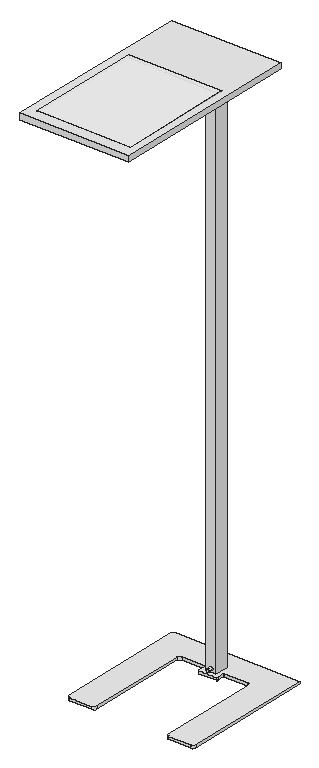
Revit family "0060787 Sylvania Lighting Fixture FREEOFFICE DIRECT INDIRECT 12KLM PIR BLACK EC", category Lighting Fixtures, host Face, Revit 2016
Family settings
  Host = Face
  Part Type = Normal
  Round Connector Dimension = Use Diameter
  OmniClass Number = 23.80.70.11.17
  OmniClass Title = Specialized Lighting by Location or Use
  Cut with Voids When Loaded = No
  Light Source = Yes
  Shared = No
  Room Calculation Point = No
Parameters (values of type "0060787 FREEOFFICE D/I 12 PIR BLACK EC")
  Weight = "22.8 kg"
  Wattage = 93 W
  WarrantyStartDate [instance] = "n/a"
  WarrantyGuarantorParts = "n/a"
  WarrantyDurationUnit = "n/a"
  WarrantyDurationParts = "n/a"
  WarrantyDescription = "n/a"
  built-in parameter 1150110 = 1 (stored number, unit not read)
  Voltage = 230 V
  TypeName = "FREEOFFICE DIRECT/INDIRECT 12KLM PIR BLACK EC"
  built-in parameter 1114217 = 1 (stored number, unit not read)
  Tilt Angle = -90°
  built-in parameter 1150109 = 1 (stored number, unit not read)
  built-in parameter 1150134 = 12
  built-in parameter 1150113 = 1 (stored number, unit not read)
  SerialNumber [instance] = "n/a"
  Radius_FEILO = 165.0 mm
  URL = "http://www.sylvania-lighting.com"
  PowerFactor = 0.96
  PowerConsumption = "93 W"
  Photometric Web File = "0060787.ies"
  PIR_SYL = yes
  NominalWidth = 0.0 mm
  NominalLength = 690.0 mm
  NominalHeight = 2030.0 mm
  Name = "FREEOFFICE DIRECT/INDIRECT 12KLM PIR BLACK EC"
  ModelReference = "FREEOFFICE DIRECT/INDIRECT 12KLM PIR BLACK EC"
  ModelNumber = "0060787"
  Material_3_SYL = Body-Sylvania-FreeOffice-BLK
  Material_2_SYL = Polycarbonate_Sylvania_Sylcircle_Opal
  Material_1_SYL = Body-Sylvania-FreeOffice-BLK
  Material = "head and pole : powder coated aluminium. stand: powder coated steel housing, pmma diffuser"
  ManufacturerName = "Feilo Sylvania"
  LuminousEfficacy = "131 lm/W"
  built-in parameter 1150105 = 3688.2 (stored number, unit not read)
  Lumens = 12183 lm
  LuminaireType = ""
  built-in parameter 1150115 = 1 (stored number, unit not read)
  LightOutputRatio = "n/a"
  built-in parameter 1150137 = (empty or 0)
  built-in parameter 1150139 = (empty or 0)
  LampsType = Lamp  # "LED"
  LampNominalLuminous = "12150 lm"
  LampMacAdamStep = "3"
  LampColourTemperature = "4000 K"
  LampColourRenderingIndex = "80"
  built-in parameter 1150112 = 1 (stored number, unit not read)
  built-in parameter 1150114 = 1 (stored number, unit not read)
  Keynote = "16500"
  InstallationDate [instance] = "n/a"
  InputVoltage = "220-240V~"
  InputNominalFrequency = "50/60 Hz"
  built-in parameter 1150132 = (empty or 0)
  built-in parameter 1150102 = (empty or 0)
  built-in parameter 1150107 = 4000 (stored number, unit not read)
  built-in parameter 1150138 = (empty or 0)
  IngressProtection = "IP20"
  ImpactProtectionIndex = "IK02"
  built-in parameter 1150106 = 36.882 (stored number, unit not read)
  IfcExportType = "IfcLightFixtureType"
  IfcExportAs = "IfcLightFixtureType"
  Height_FEILO = 96.0 mm
  ExpectedLife = 50000
  Emit from Rectangle Width = 340.1 mm
  Emit from Rectangle Length = 564.6 mm
  Emit Shape Visible in Rendering = no
  ElectricShockClassification = "Class I"
  built-in parameter 1150104 = 12.17 (stored number, unit not read)
  DurationUnit = "hours"
  DocumentationLiterature = "http://www.sylvania-lighting.com/product/en-int/products/0060787"
  DimmingControlOptions = "Dimmable"
  Dimming Lamp Color Temperature Shift = <None>
  Diameter_FEILO = 2 * Radius_FEILO  # 330.0 mm
  CreatedOn = "12/5/2018"
  CreatedBy = "@sylvania-lighting.com"
  Color Filter = 16777215
  built-in parameter 1114216 [instance] = 1 (stored number, unit not read)
  Model = "FREEOFFICE DIRECT/INDIRECT 12KLM PIR BLACK EC"
  Manufacturer = "Feilo Sylvania"
  Lamp = "LED"
  Description = "FREEOFFICE DIRECT/INDIRECT 12KLM PIR BLACK EC is a highly efficient free-standing floor lamp providing optimal illumination for single and twin workstations. 80% uplight and 20% downlight ratio for ambient and task lighting from a single luminaire. Microprismatic PMMA optics for advanced glare control. Black RAL9005 powder coated luminaire body. Aluminium head and pole for high-quality appearance, steel stand for higher stability. Luminaire dimensions: Head: 690x397x25mm, Stand: 480x460x16mm, Pole: 55x35x2030mm. Operated and dimmed with a push button located in the pole at a height suitable to be used with adjustable height desks. Equipped with presence and daylight sensor. Up and downlight dims together. 4000K Neutral White LED, CRI>80, chromaticity tolerance: SDCM<3. Luminous flux: 12150lm. Power consumption 93W. Luminaire efficacy: 131lm/W. Lumen maintenance: L80B50=55000h. UGR<16, Luminance at 65°<3000 cd/m2. IK02, IP20. Photobiological safety risk group 0. Electrical protection: Class I. Glow wire test: 650°C. Supplied with 3m cable with DIN 49441-R2 plug."
  Default Elevation = 0.0 mm
  built-in parameter 1140040 [instance] = 1
  BarCode [instance] = "n/a"
  built-in parameter 1114218 = 1 (stored number, unit not read)
  built-in parameter 1150133 = 10 (stored number, unit not read)
  AssetType = "Fixed"
  AssetIdentifier [instance] = "n/a"
  Assembly Code = "D5020200"
  Apparent Load = 93 VA
Reference planes
  plane 1 "Center (Front/Back)": y = 0
  plane 2: z = 0
  plane 3 "Center (Left/Right)": x = 0
  plane 4: z = 2030
  plane 5: x = 230
  plane 6: x = -230
  plane 7: x = 18
  plane 8: x = -18
  plane 9: x = -198.5
  plane 10: x = 198.5
  plane 11: y = 25
  plane 12: y = -25
  plane 13: y = -390.174
  plane 14: y = 89.826
  plane 15: y = -645
  plane 16: y = 44
  plane 17: z = 9
  plane 18: z = 2010
  plane 19: y = -187.327
  plane 20: y = -603.8
  plane 21: x = -170.03
  plane 22: x = 170.03
  plane 23: y = -39.174
  plane 24: z = 2020
  plane 25: x = 130
  plane 26: x = -130
  plane 27: y = -10.174
  plane 28: x = 34
  plane 29: x = -34
  plane 30: y = -39.174
  plane 31: y = -321.487
  plane 32: z = 21
  plane 33: y = -624.4
  plane 34: z = 2009
Forms (mm)
  Extrusion 1, solid, material "Body-Sylvania-FreeOffice-BLK" <- "Material_1_SYL"
    sketch origin (-1380.213, -4572, 2010) x (-1, 0, 0) y (0, -1, 0)
      loop
        line (-1181.713, -3927) -> (-1578.713, -3927) -> (-1578.713, -4616) -> (-1181.713, -4616) -> (-1181.713, -3927)
    from 0 to 20
  Extrusion 2, void
    sketch origin (-1380.213, -4572, 2030) x (0, -1, 0) y (-1, 0, 0)
      loop
        line (-4384.673, -1210.183) -> (-4384.673, -1550.243) -> (-3968.2, -1550.243) -> (-3968.2, -1210.183) -> (-4384.673, -1210.183)
    from 0 to 20
  Extrusion 3, void
    sketch origin (-1380.213, -4572, 2010) x (0, -1, 0) y (-1, 0, 0)
      loop
        line (-3968.2, -1210.183) -> (-4532.826, -1210.183) -> (-4532.826, -1550.243) -> (-3968.2, -1550.243) -> (-3968.2, -1210.183)
    from 0 to -10
  Extrusion 4, solid, material "Body-Sylvania-FreeOffice-BLK" <- "Material_1_SYL"
    sketch origin (0, 0, 0) x (1, 0, 0) y (0, 1, 0)
      loop
        line (-230, 79.826) -> (-230, -380.174)
        arc (-230, -380.174) -> (-227.071, -387.245) -> (-220, -390.174) r 10
        line (-220, -390.174) -> (-140, -390.174)
        arc (-140, -390.174) -> (-132.929, -387.245) -> (-130, -380.174) r 10
        line (-130, -380.174) -> (-130, -20.174)
        arc (-130, -20.174) -> (-127.071, -13.103) -> (-120, -10.174) r 10
        line (-120, -10.174) -> (-36, -10.174)
        arc (-36, -10.174) -> (-34.586, -10.76) -> (-34, -12.174) r 2
        line (-34, -12.174) -> (-34, -37.174)
        arc (-34, -37.174) -> (-33.414, -38.588) -> (-32, -39.174) r 2
        line (-32, -39.174) -> (32, -39.174)
        arc (32, -39.174) -> (33.414, -38.588) -> (34, -37.174) r 2
        line (34, -37.174) -> (34, -12.174)
        arc (34, -12.174) -> (34.586, -10.76) -> (36, -10.174) r 2
        line (36, -10.174) -> (120, -10.174)
        arc (120, -10.174) -> (127.071, -13.103) -> (130, -20.174) r 10
        line (130, -20.174) -> (130, -380.174)
        arc (130, -380.174) -> (132.929, -387.245) -> (140, -390.174) r 10
        line (140, -390.174) -> (220, -390.174)
        arc (220, -390.174) -> (227.071, -387.245) -> (230, -380.174) r 10
        line (230, -380.174) -> (230, 89.826) -> (-220, 89.826)
        arc (-220, 89.826) -> (-227.071, 86.897) -> (-230, 79.826) r 10
    from 0 to 9
  Extrusion 5, solid, material "Body-Sylvania-FreeOffice-BLK" <- "Material_1_SYL"
    sketch origin (645.563, -4597, 9) x (0, -1, 0) y (-1, 0, 0)
      loop
        line (-4622, 663.563) -> (-4622, 627.563) -> (-4572, 627.563) -> (-4572, 663.563) -> (-4622, 663.563)
    from 0 to -2001
  Extrusion 6, solid, material "Body-Sylvania-FreeOffice-BLK" <- "Material_1_SYL"
    sketch origin (747.1, -25, 1219.2) x (1, 0, 0) y (0, 0, 1)
      loop
        circle (-747.1, -1198.2) r 5
    from 0 to 14.174
  Extrusion 7, solid, material "Polycarbonate_Sylvania_Sylcircle_Opal" <- "Material_2_SYL"
    sketch origin (-1380.213, -4572, 2030) x (-1, 0, 0) y (0, -1, 0)
      loop
        line (-1550.243, -3968.2) -> (-1550.243, -4384.673) -> (-1210.183, -4384.673) -> (-1210.183, -3968.2) -> (-1550.243, -3968.2)
    from 0 to -10
  Extrusion 8, solid, material "Polycarbonate_Sylvania_Sylcircle_Opal" <- "Material_2_SYL"
    sketch origin (-1380.213, -4572, 2010) x (-1, 0, 0) y (0, -1, 0)
      loop
        line (-1210.183, -4532.826) -> (-1210.183, -3968.2) -> (-1550.243, -3968.2) -> (-1550.243, -4532.826) -> (-1210.183, -4532.826)
    from 0 to 10
  Revolve 9, solid, material "Body-Sylvania-FreeOffice-BLK" <- "Material_3_SYL", visible <- "PIR_SYL"
    sketch origin (747.1, -624.4, 1219.2) x (1, 0, 0) y (0, 0, 1)
      loop
        line (-757.1, 789.8) -> (-754.426, 789.8)
        arc (-754.426, 789.8) -> (-751.007, 787.781) -> (-747.1, 787.079) r 11.221
        line (-747.1, 787.079) -> (-747.1, 790.8) -> (-757.1, 790.8) -> (-757.1, 789.8)
      axis (-747.1, 790.8) -> (-747.1, 787.079)
    angle from 0 to 360
Cuts and joins
  Extrusion 2, Extrusion 3 cuts Extrusion 1
Lines and regions (mm)
  reference lines
    curve 1: circle (0, 0, 21) r 5 normal (0, -1, 0)
    curve 2: circle (0, -624.4, 2010) r 10 normal (0, 0, 1)
Dimensions and locks
  equal spacing: plane 12, plane 1 "Center (Front/Back)", plane 11
  locked: plane 12 to plane 11 at 50
  equal spacing: plane 8, plane 3 "Center (Left/Right)", plane 7
  plane 8 to plane 7 = 36.0 mm
  equal spacing: plane 9, plane 3 "Center (Left/Right)", plane 10
  plane 9 to plane 10 = 397.0 mm
  equal spacing: plane 6, plane 3 "Center (Left/Right)", plane 5
  locked: plane 6 to plane 5 at 460
  locked: plane 4 to plane 2 at 2030
  locked: plane 13 to plane 1 "Center (Front/Back)" at 390.174
  locked: plane 13 to plane 14 at 480
  locked: plane 15 to plane 1 "Center (Front/Back)" at 645
  locked: plane 15 to plane 16 at 689
  locked: plane 17 to plane 2 at 9
  locked: plane 4 to plane 18 at 20
  locked: plane 19 to plane 1 "Center (Front/Back)" at 187.327
  locked: plane 20 to plane 19 at 416.473
  equal spacing: plane 21, plane 3 "Center (Left/Right)", plane 22
  plane 21 to plane 22 = 340.059 mm
  locked: plane 20 to plane 23 at 564.626
  equal spacing: plane 4, plane 24, plane 18
  equal spacing: plane 26, plane 3 "Center (Left/Right)", plane 25
  locked: plane 26 to plane 25 at 260
  locked: plane 27 to plane 14 at 100
  equal spacing: plane 29, plane 3 "Center (Left/Right)", plane 28
  locked: plane 29 to plane 28 at 68
  locked: plane 30 to plane 27 at 29
  equal spacing: plane 20, plane 31, plane 23
  locked: plane 32 to host face at 21
  equal spacing: plane 15, plane 33, plane 20
  locked: Revolve 9 sketch curve to plane 18 at 7.5
  locked: plane 18 to plane 34 at 1
  radius of curve 2 = 10.0 mm
  aligned and locked: plane 2 to host face
  aligned and locked: level to host face
  aligned and locked: plane 15 to Extrusion 1 sketch curve
  aligned and locked: Extrusion 1 sketch curve to plane 9
  aligned and locked: Extrusion 1 sketch curve to plane 16
  aligned and locked: plane 10 to Extrusion 1 sketch curve
  aligned and locked: plane 4 to Extrusion 1
  aligned and locked: Extrusion 1 to plane 18
  aligned and locked: Extrusion 2 sketch curve to plane 19
  aligned and locked: plane 20 to Extrusion 2 sketch curve
  aligned and locked: Extrusion 2 to plane 18
  aligned and locked: plane 4 to Extrusion 2
  aligned and locked: plane 21 to Extrusion 2 sketch curve
  aligned and locked: plane 22 to Extrusion 2 sketch curve
  aligned and locked: Extrusion 3 sketch curve to cut or joined group of Extrusion 1, Extrusion 2, Extrusion 3  (x2)
  aligned and locked: plane 23 to Extrusion 3 sketch curve
  aligned and locked: plane 22 to Extrusion 3 sketch curve
  aligned and locked: Extrusion 3 to plane 18
  aligned and locked: plane 24 to Extrusion 3
  aligned and locked: Extrusion 4 sketch curve to plane 14
  aligned and locked: Extrusion 4 sketch curve to plane 6
  aligned and locked: plane 13 to Extrusion 4 sketch curve  (x2)
  aligned and locked: Extrusion 4 sketch curve to plane 26
  aligned and locked: Extrusion 4 sketch curve to plane 25
  aligned and locked: plane 5 to Extrusion 4 sketch curve
  aligned and locked: plane 29 to Extrusion 4 sketch curve
  aligned and locked: plane 30 to Extrusion 4 sketch curve
  aligned and locked: Extrusion 4 sketch curve to plane 28
  aligned and locked: Extrusion 4 sketch curve to plane 27
  aligned and locked: Extrusion 4 to plane 17
  aligned and locked: Extrusion 4 to level
  aligned and locked: Extrusion 5 sketch curve to plane 8
  aligned and locked: plane 7 to Extrusion 5 sketch curve
  aligned and locked: plane 18 to Extrusion 5
  aligned and locked: plane 11 to Extrusion 5 sketch curve
  aligned and locked: Extrusion 5 sketch curve to plane 12
  aligned and locked: plane 24 to imposter light
  aligned and locked: imposter light to plane 3 "Center (Left/Right)"
  aligned and locked: imposter light to plane 31
  aligned and locked: Extrusion 6 sketch curve to curve 1
  aligned and locked: Extrusion 6 to plane 12
  aligned and locked: Extrusion 6 to cut or joined group of Extrusion 1, Extrusion 2, Extrusion 3
  aligned and locked: Extrusion 7 sketch curve to cut or joined group of Extrusion 1, Extrusion 2, Extrusion 3  (x4)
  aligned and locked: Extrusion 7 to plane 4
  aligned and locked: Extrusion 7 to cut or joined group of Extrusion 1, Extrusion 2, Extrusion 3
  aligned and locked: Extrusion 8 sketch curve to cut or joined group of Extrusion 1, Extrusion 2, Extrusion 3  (x4)
  aligned and locked: Extrusion 8 to cut or joined group of Extrusion 1, Extrusion 2, Extrusion 3
  aligned and locked: Extrusion 8 to plane 18
  aligned and locked: plane 3 "Center (Left/Right)" to curve 2
  aligned and locked: plane 33 to curve 2
  aligned and locked: plane 3 "Center (Left/Right)" to Revolve 9 sketch curve  (x2)
  aligned and locked: Revolve 9 sketch curve to plane 3 "Center (Left/Right)"
  aligned and locked: Revolve 9 sketch curve to plane 34
Automatic sketch dimensions
  host sketch curve to host sketch curve = 1305.563 mm
  host sketch curve to host sketch curve = 1283.632 mm
  plane 27 to Extrusion 4 sketch curve = 0.0 mm
  plane 6 to Extrusion 4 sketch curve = 10.0 mm  (x2)
  Extrusion 4 sketch curve to plane 13 = 10.0 mm
  Extrusion 4 sketch curve to plane 26 = 10.0 mm
  Extrusion 4 sketch curve to Extrusion 4 sketch curve = 2.0 mm
  plane 29 to Extrusion 4 sketch curve = 2.0 mm
  Extrusion 4 sketch curve to plane 28 = 2.0 mm
  plane 28 to Extrusion 4 sketch curve = 2.0 mm
  Extrusion 4 sketch curve to plane 25 = 10.0 mm
  Extrusion 4 sketch curve to Extrusion 4 sketch curve = 10.0 mm
  Extrusion 4 sketch curve to plane 5 = 10.0 mm
  curve 1 to plane 3 "Center (Left/Right)" = 0.0 mm
  curve 1 to plane 32 = 0.0 mm
  Revolve 9 sketch curve to plane 18 = 0.0 mm
  Revolve 9 sketch curve to plane 3 "Center (Left/Right)" = 7.326 mm
  Revolve 9 sketch curve to Revolve 9 sketch curve = 2.674 mm
  Revolve 9 sketch curve to level = 94.652 mm
  plane 4 to Revolve 9 sketch curve = 432.257 mm
  radius of curve 1 = 5.0 mm
Connectors
  electrical at (0, -39.174, 21), driven by "PowerFactor", driven by "Voltage", driven by "Apparent Load", driven by "Apparent Load"
    settings: on Extrusion 6, index 1, voltage 230 V, apparent load 93 VA, apparent load phase1 93 VA, apparent load phase2 0 VA, apparent load phase3 0 VA, power factor 0.96, load classification "Other", number of poles 1, system type 30, power factor state 1, is connector primary yes, connector utility no, sub classification motor no, connector description ""
